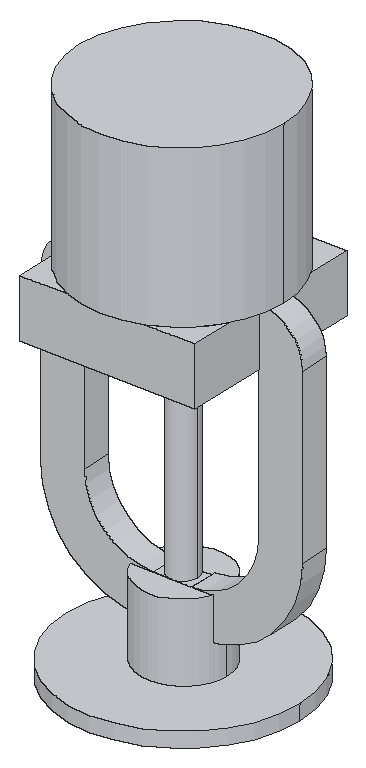
Revit family
Parameters (values of type "RASCO F1FR56 PENDENT")
  Temperature Rating = 155 °F
  Response = 1
  RASCO SIN # = "RA1414"
  RASCO Part # = "F1FR56P1B"
  Pressure Rating = "175 PSI"
  Pressure Class = (empty or 0)
  Orifice Size = 1/2"
  Orifice = (empty or 0)
  Model = "F1FR56"
  Manufacturer = "RASCO"
  K-Factor = 5.6
  Description = "BRZ. FINISH"
  Coverage = (empty or 0)
Reference planes (in)
  plane 1 "Center (Front/Back)": y = 0
  plane 2: z = 0
  plane 3 "Center (Left/Right)": x = 0
Dimensions and locks (in)
  aligned and locked: plane 2 to level
Nested families (in)
  nested 1: "F1FR56P1B" at (-0.0113, 0, 2.4375) x (-1, 0, 0) z (0, 0, -1), type "RASCO F1FR56 PENDENT"
Connectors (in)
  piping at (-0.0113, 0, 2.4375)
    settings: on nested 1, index 1, connector radius 115/256", flow factor 0, pipe flow 0 GPM, pressure drop 0.00 psi, fitting loss kfactor 0, connector angle 0.00°, fixture units 0, flow configuration 0, flow direction 0, fitting loss method 0, system type 7, connector reference index -1, connector utility 0, adjustable connector no, is connector primary yes, fitting loss table "", connector description ""
Definition of nested family "F1FR56P1B"
  Parameters (values of type "RASCO F1FR56 PENDENT")
    Type Comments = ""
    Temperature Rating = 0 °F
    Response = (empty or 0)
    Pressure Rating = "0"
    Pressure Class = (empty or 0)
    Orifice Size = 0"
    Orifice = (empty or 0)
    Model = ""
    Manufacturer = ""
    K-Factor = 0
    Description = ""
    Coverage = (empty or 0)
    Assembly Code = ""
  Reference planes (in)
    plane 1 "Center (Front/Back)": y = 0
    plane 2: z = 0
    plane 3 "ref.2": z = 0.6875
    plane 4 "ref.3": z = 0.9375
    plane 5: x = -0.38065
    plane 6: x = 0.36935
    plane 7 "ref. side 1": y = 0.06402
    plane 8 "ref. side 2": y = -0.06098
    plane 9 "ref.4": z = 1.875
    plane 10 "ref.5": z = 2.3125
    plane 11 "ref.6": z = 2.4375
  Forms (in)
    Extrusion 1, solid
      sketch origin (0, 0, 0) x (1, 0, 0) y (0, 1, 0)
        loop
          circle (0, 0) r 0.4379
      from 0 to 0.6875
    Extrusion 2, solid
      sketch origin (-0.12185, 0.05177, 0.6875) x (1, 0, 0) y (0, 1, 0)
        loop
          line (-0.2588, 0.356) -> (-0.2588, -0.4565) -> (0.4912, -0.4565) -> (0.4912, 0.356) -> (-0.2588, 0.356)
      from 0 to 0.25
    Extrusion 3, solid
      sketch origin (0, 0, 0) x (1, 0, 0) y (0, 0, 1)
        loop
          line (-0.38065, 0.68754) -> (-0.38065, 1.58397)
          arc (-0.38065, 1.58397) -> (-0.29541, 1.78976) -> (-0.08962, 1.875) r 0.29103
          line (-0.08962, 1.875) -> (0.07524, 1.875)
          arc (0.07524, 1.875) -> (0.28321, 1.78886) -> (0.36935, 1.58089) r 0.29411
          line (0.36935, 1.58089) -> (0.36935, 0.68751)
          arc (0.36935, 0.68751) -> (0.50207, 0.74393) -> (0.55685, 0.87734) r 0.18984
          line (0.55685, 0.87734) -> (0.55685, 1.61676)
          arc (0.55685, 1.61676) -> (0.42629, 1.93194) -> (0.11111, 2.0625) r 0.44574
          line (0.11111, 2.0625) -> (-0.12259, 2.0625)
          arc (-0.12259, 2.0625) -> (-0.43765, 1.932) -> (-0.56815, 1.61694) r 0.44556
          line (-0.56815, 1.61694) -> (-0.56815, 0.87876)
          arc (-0.56815, 0.87876) -> (-0.51345, 0.74486) -> (-0.38065, 0.68754) r 0.19126
      from -0.06402 to 0.06098
    Extrusion 4, solid
      sketch origin (0, 0, 0.9375) x (-1, 0, 0) y (0, -1, 0)
        loop
          circle (0.00574, -0.00152) r 0.0625
      from 0 to 0.9375
    Extrusion 5, solid
      sketch origin (0, 0, 1.875) x (-1, 0, 0) y (0, -1, 0)
        loop
          circle (0.00574, -0.00152) r 0.1875
      from 0 to 0.4375
    Extrusion 6, solid
      sketch origin (0, 0, 2.3125) x (0, -1, 0) y (1, 0, 0)
        loop
          circle (-0.00152, -0.00574) r 0.5
      from -0.10531 to -0.03987
  Cuts and joins
    joined: Extrusion 1, Extrusion 2, Extrusion 4
  Lines and regions (in)
    model lines
      curve 1: line (-0.00574, 0.06402, 1.875) -> (-0.00574, -0.06098, 1.875)
